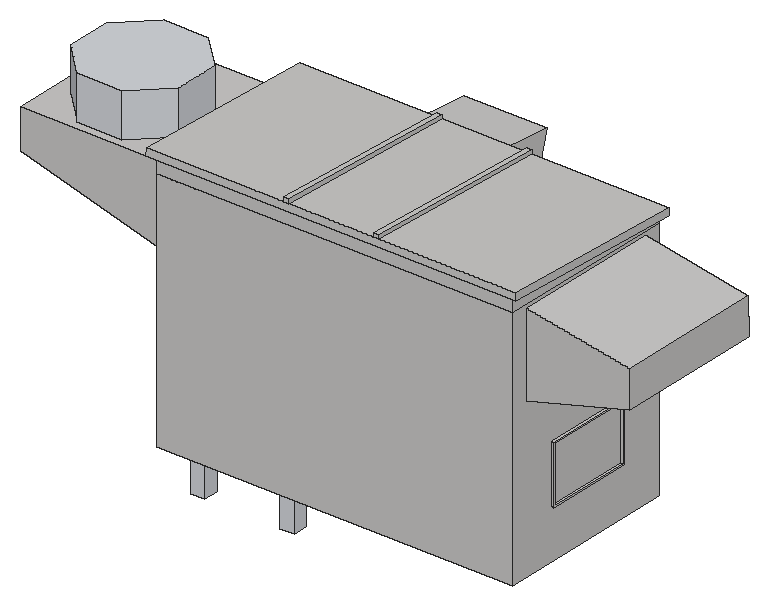
Revit family "DN2_2.0_RT_EC_2FP", category Mechanical Equipment, Revit 2019
Family settings
  Round Connector Dimension = Use Diameter
  Part Type = Normal
  OmniClass Number = 23.75.00.00
  OmniClass Title = Climate Control (HVAC)
  Work Plane-Based = No
  Always vertical = Yes
  Cut with Voids When Loaded = No
  Shared = No
  Room Calculation Point = No
Parameters (values of type "2 @ 1.35 kW ea.")
  Voltage [instance] = "200-277 V"
  Unit Weight Range (lbs) [instance] = "2450-3150 lbs."
  Refrigerant = "R410A"
  Number of Condenser Fans = "Qty. 1, EC motor, Direct drive"
  Nominal Capacity Range = "2T - 10T"
  Max. Shipping Weight (lbs) [instance] = "2450-3150 lbs."
  Unit Dimensions (L x W x H) [instance] = "166 7/8\" x 75 1/2\" x 78 1/8\""
  Shipping Dimensions (Lx W x H) [instance] = "166 7/8\" x 75 1/2\" x 78 1/8\""
  Unit [instance] = Renewaire - Galvanized Steel
  URL = "www.renewaire.com"
  Typical Airflow Range = "375-1,650 CFM"
  Standard Features [instance] = "EC Motors for both airstreams, Direct drive backward inclined plenum, Higher ESP of up to 2\" w.g. at 1,500 CFM, Integrated programmable controls, True 100% face and bypass enthalpy based modulating economizer, Class 1 low leakage motorized isolation dampers, Stainless steel double-sloped drain pan with cooling option, 1\" Double wall foam injected 20 gauge galvanized panel construction with R6.5 insulation"
  Service Area Visibility [instance] = yes
  Service Area Box [instance] = Renewaire - Interference
  Revit Object Download Link [instance] = ""
  Phase [instance] = "Single"
  Options [instance] = "DX, heat pump, or chilled water cooling coil, Modulating hot gas reheat, Steam or hot water coil, Onboard variable frequency drives (VFDs) - both airstreams, Fused disconnect, Spring isolators (VFDs only), 2\" Double wall foam injected 20 gauge galvanized panel construction with R13 insulation, Exterior paint - grey, white, custom color, Salt spray - 2500 hours, BACNET factory activation, GFCI convenience outlet, Recirculation damper, Drain overflow switch, Mist Eliminator, Electrofin coating for coils"
  Number Motors [instance] = "Qty. 2, Direct drive motorized impeller packages"
  Model = "DN-2RT-2FP-EC"
  Manufacturer = "Renewaire LLC"
  Inlets/Outlets [instance] = "OA & RA Inlets: 24\" x 16\", SA Outlet: 24\" x 16\", EA Outlet: 20\" x 16\""
  Frequency [instance] = "50/60 Hz"
  Filters [instance] = "Total qty. 4, MERV 8: 16\" x 20\" x 2\""
  Features (default) = "BLDC Variable Speed Compressor, Integrated Refrigeration Controller, Electronic Expansion Valve, Filter Drier, Sight Glass"
  Energy Recovery Type [instance] = "Static plate total energy transfer"
  Description = "Energy Recovery Ventilator"
  Available Options = "Fixed Speed Compressor, Suction Accumlator w/HGRH, Modulating 3-way Valve w/HGRH"
  Accessories [instance] = "Filters - MERV 13, 2\"  and 4\" (shipped loose), MERV 14, 2\" and 4\" (shipped loose), Additional filters available upon request, Roof curb - standard 14\", Hurricane or seismic rated curbs, Curb clip kit, Carbon dioxide sensor/control - wall mount (CO2-W), duct mount (CO2-D), IAQ sensor - wall mount (IAQ-W), duct mount (IAQ-D), Motion occupancy sensor/control - ceiling mount (MC-C), wall mount (MC-W), Smoke detector, Room temperature and humidity sensor, Duct static pressure sensor with display to 10\", without display 0-2\", Room pressure sensor with display to 1\", without display 0-1\", Waterless trap negative pressure, waterless trap positive pressure, Remote display"
  AHRI 1060 Certified Core [instance] = "One L-62-G5 and one L-125-G5"
Types (7): name | Voltage | Phase
  (no name) | "200-277 V" | "Single"
  2 @ 1.35 kW ea. | "200-277 V" | "Single"
  2 @ 2.70 kW ea. | "200-240 V" | "Three"
  2 @ 3.70 kW ea. | "380-480 V" | "Three"
  2 @ 3HP ea. 208-230V | "208-230 V" | "Three"
  2 @ 3HP ea. 460V | "460V" | "Three"
  2 @ 3HP ea. 575V | "575V" | "Three"
Reference planes (in)
  plane 1 "Center (Front/Back)": y = 0
  plane 2: z = 0
  plane 3 "Center (Left/Right)": x = 0
  plane 4: y = -25
  plane 5: x = -37.25
Forms (in)
  Extrusion 1, solid, material "Renewaire - Galvanized Steel" <- "Unit"
    sketch origin (0, 0.03854, 0) x (1, 0, 0) y (0, 1, 0)
      loop
        line (-37.25, 24.96146) -> (-37.25, -25.03854) -> (60, -25.03854) -> (60, 24.96146) -> (-37.25, 24.96146)
    from 0 to 66.875
  Extrusion 2, void
    sketch origin (0, 0, 0) x (1, 0, 0) y (0, 1, 0)
      loop
        line (-35.25, 23) -> (-35.25, -23) -> (58, -23) -> (58, 23) -> (-35.25, 23)
    from 0 to 6.84749
  Extrusion 3, void
    sketch origin (0, 0, 0) x (1, 0, 0) y (0, 1, 0)
      loop
        line (-30.19557, 18.12494) -> (-30.19557, -5.87506) -> (-14.19556, -5.87506) -> (-14.19556, 18.12494) -> (-30.19557, 18.12494)
      loop
        line (37.45187, 12.44187) -> (37.45187, -11.55813) -> (53.45186, -11.55813) -> (53.45186, 12.44187) -> (37.45187, 12.44187)
    from 6 to 7.125
  Extrusion 4, solid, material "Renewaire - Galvanized Steel" <- "Unit"
    sketch origin (0, 0, 2) x (0, 1, 0) y (0, 0, 1)
      loop
        line (18.60019, 30.89209) -> (-5.39982, 30.89209) -> (-5.39982, 14.89209) -> (18.60019, 14.89209) -> (18.60019, 30.89209)
      loop
        line (18.35019, 30.64209) -> (-5.14982, 30.64209) -> (-5.14982, 15.14209) -> (18.35019, 15.14209) -> (18.35019, 30.64209)
    from -37.25 to -38.25
  Extrusion 5, solid, material "Renewaire - Galvanized Steel" <- "Unit"
    sketch origin (0, 0, 2) x (0, 1, 0) y (0, 0, 1)
      loop
        line (-12.00006, 27.784) -> (-12.00006, 11.78399) -> (11.99994, 11.78399) -> (11.99994, 27.784) -> (-12.00006, 27.784)
      loop
        line (-11.75006, 27.534) -> (-11.75006, 12.03399) -> (11.74994, 12.03399) -> (11.74994, 27.534) -> (-11.75006, 27.534)
    from 60 to 61
  Extrusion 6, void
    sketch origin (0, -2.28422, 0) x (1, 0, 0) y (0, 1, 0)
      loop
        line (-78.4953, 69.65762) -> (-78.4953, -64) -> (88.3797, -64) -> (88.3797, 69.65762) -> (-78.4953, 69.65762)
    from 71 to 0
  Extrusion 7, solid, material "Renewaire - Galvanized Steel" <- "Unit"
    sketch origin (0, 1, 1) x (0, 1, 0) y (0, 0, 1)
      loop
        line (24, 65.37584) -> (24, 47.19321) -> (33.39638, 47.19321) -> (43.03161, 56.49784) -> (44.92004, 63.54557) -> (24, 65.37584)
    from 12.5814 to -9.96261
  Extrusion 8, solid, material "Renewaire - Galvanized Steel" <- "Unit"
    sketch origin (0, 0, 0) x (1, 0, 0) y (0, 0, 1)
      loop
        line (60, 66.14512) -> (60, 43.33282) -> (88.3797, 51.03097) -> (88.3797, 61.14102) -> (60, 66.14512)
    from 20.33014 to -20.26562
  Extrusion 9, solid, material "Renewaire - Galvanized Steel" <- "Unit"
    sketch origin (0, 0, 0) x (0, 1, 0) y (0, 0, 1)
      loop
        line (25, 68.97768) -> (-25, 71.21628) -> (-25, 66.875) -> (25, 66.875) -> (25, 68.97768)
    from 60 to -37.25
  Extrusion 10, solid, material "Renewaire - Galvanized Steel" <- "Unit"
    sketch origin (0, 0, 0) x (0, 1, 0) y (0, 0, 1)
      loop
        line (26.25341, 70.90076) -> (-26.19982, 73.11627) -> (-26.28422, 71.11805) -> (26.16901, 68.90254) -> (26.25341, 70.90076)
    from 61.85788 to -39.25
  Extrusion 11, solid, material "Renewaire - Galvanized Steel" <- "Unit"
    sketch origin (0, 0, 0) x (0, 1, 0) y (0, 0, 1)
      loop
        line (26.25341, 70.90076) -> (26.29557, 71.89898) -> (-26.15766, 74.11449) -> (-26.19982, 73.11627) -> (26.25341, 70.90076)
    from -0.26541 to -1.64943
  Extrusion 12, solid, material "Renewaire - Galvanized Steel" <- "Unit"
    sketch origin (0, 0, 0) x (0, 1, 0) y (0, 0, 1)
      loop
        line (26.25341, 70.90076) -> (26.29557, 71.89898) -> (-26.15766, 74.11449) -> (-26.19982, 73.11627) -> (26.25341, 70.90076)
    from 22.86707 to 24.31637
  Extrusion 13, solid, material "Renewaire - Galvanized Steel" <- "Unit"
    sketch origin (25.57429, 0, 0.68599) x (-1, 0, 0) y (0, 0, -1)
      loop
        line (62.82429, -66.11208) -> (104.06959, -66.11208) -> (104.06959, -55.28694) -> (62.82429, -44.09892) -> (62.82429, -66.11208)
    from 20.33014 to -20.26562
  Extrusion 14, solid
    sketch origin (94.11596, -60.68372, 95.85018) x (0.999048, 0.043619, 0) y (-0.043619, 0.999048, 0)
      loop
        line (-143.41504, 78.57827) -> (-155.64926, 79.11243) -> (-164.67786, 70.83924) -> (-165.21202, 58.60502) -> (-156.93883, 49.57642) -> (-144.70461, 49.04226) -> (-135.67601, 57.31545) -> (-135.14185, 69.54967) -> (-143.41504, 78.57827)
    from -16.98996 to -29.05211
  Extrusion 15, void
    sketch origin (-127.93143, -1.87935, 78.86022) x (1, 0, 0) y (0, 1, 0)
      loop
        line (49.43613, 22.14497) -> (49.43613, -18.45079) -> (88.06702, -18.45079) -> (88.06702, 22.14497) -> (49.43613, 22.14497)
    from 48 to 0
  Extrusion 16, solid
    sketch origin (0, 0, 0) x (1, 0, 0) y (0, 1, 0)
      loop
        line (-29.75, -23) -> (-25.75, -23) -> (-25.75, -19) -> (-29.75, -19) -> (-29.75, -23)
    from 0 to -9.75565
  Extrusion 17, solid
    sketch origin (3.93314, 0, 0) x (1, 0, 0) y (0, 1, 0)
      loop
        line (-5.25, -23) -> (-5.25, -19) -> (-9.18314, -19) -> (-9.18314, -23) -> (-5.25, -23)
    from 0 to -9.75565
  Extrusion 18, solid
    sketch origin (9.42942, 0.68227, 68.78491) x (1, 0, 0) y (0, 1, 0)
      loop
        line (-48.37017, -17.68227) -> (-48.37017, -21.18227) -> (-46.87017, -21.18227) -> (-46.87017, -17.68227) -> (-48.37017, -17.68227)
    from -24 to -29
Cuts and joins
  Extrusion 2, Extrusion 3, Extrusion 15 cuts Extrusion 1
  Extrusion 15 cuts Extrusion 4
  Extrusion 15 cuts Extrusion 5
  Extrusion 15 cuts Extrusion 7
  Extrusion 15 cuts Extrusion 8
  Extrusion 15 cuts Extrusion 9
  Extrusion 15 cuts Extrusion 10
  Extrusion 15 cuts Extrusion 11
  Extrusion 15 cuts Extrusion 12
  Extrusion 15 cuts Extrusion 13
  Extrusion 15 cuts Extrusion 14
Dimensions and locks (in)
  aligned and locked: level to plane 2
Connectors (in)
  hvac at (61, -0.00006, 21.784)
    settings: on Extrusion 5, index 2, duct flow 0 CFM, flow factor 0, pres drop 0.00 in-wg, loss coef 0, conn angle 0.00°, conn width 24", conn height 16", conn diameter 24", duct sys type 2, conn prof type 1, flow config 0, flow direction 1, loss method 0, conn ref index -1, conn util no, is conn primary yes, conn desc "Return Air (RA)"
  hvac at (-38.25, 6.60018, 24.89209)
    settings: on Extrusion 4, index 6, duct flow 0 CFM, flow factor 0, pres drop 0.00 in-wg, loss coef 0, conn angle 0.00°, conn width 24", conn height 16", conn diameter 24", duct sys type 1, conn prof type 1, flow config 0, flow direction 2, loss method 0, conn ref index -1, conn util no, is conn primary no, conn desc "Supply Air (SA)"
  hvac at (-22.19556, 6.12494, 7.125)
    settings: on cut or joined group of Extrusion 1, Extrusion 2, Extrusion 3, Extrusion 15, index 7, duct flow 0 CFM, flow factor 0, pres drop 0.00 in-wg, loss coef 0, conn angle 0.00°, conn width 24", conn height 16", conn diameter 24", duct sys type 1, conn prof type 1, flow config 0, flow direction 2, loss method 0, conn ref index -1, conn util no, is conn primary no, conn desc "Supply Air (SA)"
  hvac at (45.45187, 0.44187, 7.125)
    settings: on cut or joined group of Extrusion 1, Extrusion 2, Extrusion 3, Extrusion 15, index 8, duct flow 0 CFM, flow factor 0, pres drop 0.00 in-wg, loss coef 0, conn angle 0.00°, conn width 24", conn height 16", conn diameter 24", duct sys type 2, conn prof type 1, flow config 0, flow direction 1, loss method 0, conn ref index -1, conn util no, is conn primary no, conn desc "Return Air (RA)"
  piping at (-27.75, -21, -9.75565), diameter 4
    settings: on Extrusion 16, index 9, connector inside diameter 24", connector length 0' - 0", flow factor 0, pipe flow 0 GPM, pressure drop 0.00 psi, fitting loss kfactor 0, connector angle 0.00°, fixture units 0, engagement length 0' - 0", angle of deflection 0.00°, flow configuration 0, flow direction 0, fitting loss method 0, system type 22, joint type 0, gender type 0, connector reference index -1, connector utility 0, adjustable connector no, is connector primary yes, connector description "1\" NPT DRAIN FAN BEFORE-DX"
  piping at (-3.28343, -21, -9.75565), diameter 4
    settings: on Extrusion 17, index 10, connector inside diameter 24", connector length 0' - 0", flow factor 0, pipe flow 0 GPM, pressure drop 0.00 psi, fitting loss kfactor 0, connector angle 0.00°, fixture units 0, engagement length 0' - 0", angle of deflection 0.00°, flow configuration 0, flow direction 0, fitting loss method 0, system type 22, joint type 0, gender type 0, connector reference index -1, connector utility 0, adjustable connector no, is connector primary no, connector description "1\" NPT DRAIN FAN BEFORE-DX"
  electrical at (-38.94075, -18.75, 42.28491)
    settings: on Extrusion 18, index 11, voltage 0 V, apparent load 0 VA, apparent load phase1 0 VA, apparent load phase2 0 VA, apparent load phase3 0 VA, power factor 1, load classification "Other", number of poles 1, system type 30, power factor state 1, is connector primary yes, connector utility no, sub classification motor no, connector description ""
